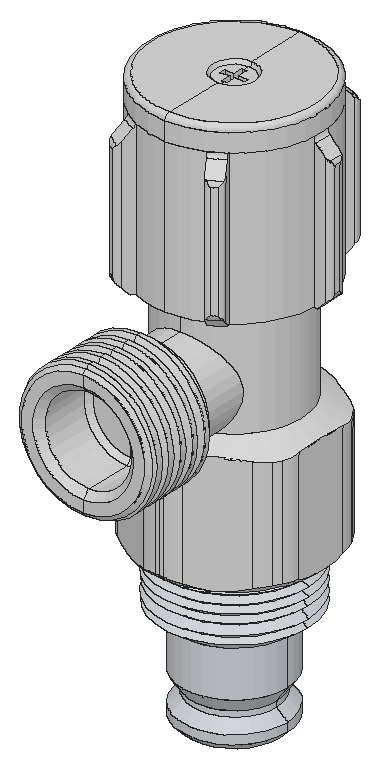
Revit family "Reece_Tap_Dura_Mini Stop", category Plumbing Fixtures, host Face, Revit 2018
Family settings
  Host = Face
  Round Connector Dimension = Use Diameter
  Part Type = Normal
  Cut with Voids When Loaded = No
  Shared = Yes
  Room Calculation Point = Yes
Parameters (values of type "Chrome")
  Waste Connection = no
  WFU = 0  # constant formula
  Vent Connection = no
  URL = "https://www.reece.com.au/product/-15088"
  Type Comments = "Tap"
  Reece_Tap_Projection = 62.5 mm  # constant formula
  Reece_Tap_Outlet = 12.5 mm  # constant formula
  Reece_Tap_Inlet = 12.5 mm  # constant formula
  Reece_Product_Web Page = "https://www.reece.com.au/product/-15088"
  Reece_Product_Type = "Tap"  # constant formula
  Reece_Product_Sub Brand = ""  # constant formula
  Reece_Product_Number = "15088"
  Reece_Product_Mount = "Wall Mounted"  # constant formula
  Reece_Product_Description = "Dura Standard Mini Stop Chrome 15mm Lead Free"
  Reece_Product_Brand = "Dura"  # constant formula
  Reece_Overall_Height = 28.4 mm  # constant formula
  Reece_Material_Main = Reece_Brass_Chrome
  Reece_Detail_Type = "Mini Stop"  # constant formula
  Reece_Detail_Installation = ""
  Reece_Detail_Disclaimer = "THIS FILE IS THE PROPERTY OF THE REECE GROUP. IT MAY NOT BE REPRODUCED, REVERSE-ENGINEERED, OR MODIFIED. ANY REPUBLICATION, TRANSMISSION, OR DISTRIBUTION FOR THE PURPOSE OF COMMERCIALLY EXPLOITING THE FILES IS PROHIBITED."  # constant formula
  Reece_Detail_Connector = ""
  Model = "-"
  Manufacturer = "Dura"
  Keynote = "Product #15088, Reece_Tap_Dura_Mini Stop - Chrome"
  HWFU = 0  # constant formula
  HW Connection = no
  Disclaimer = "THIS FILE IS THE PROPERTY OF THE REECE GROUP. IT MAY NOT BE REPRODUCED, REVERSE-ENGINEERED, OR MODIFIED. ANY REPUBLICATION, TRANSMISSION, OR DISTRIBUTION FOR THE PURPOSE OF COMMERCIALLY EXPLOITING THE FILES IS PROHIBITED."  # constant formula
  Description = "Dura Standard Mini Stop Chrome 15mm Lead Free"
  Default Elevation = 0 mm
  Cost = 0
  CWFU = 0  # constant formula
  CW Connection = no
  Assembly Code = ""
Reference planes
  plane 1 "Center (Front/Back)": y = 0
  plane 2 "Bottom": z = 0
  plane 3 "Center (Left/Right)": x = 0
  plane 4: z = 62.5
  plane 5: z = 51.8
  plane 6: z = 25
  plane 7: y = -28.35
Forms (mm)
  Revolve 1, solid
    sketch origin (29.571, 0, -7.825) x (1, 0, 0) y (0, 0, 1)
      loop
        line (-29.571, 7.825) -> (-40.893, 7.825) -> (-39.732, 7.013) -> (-40.669, 6.356) -> (-39.732, 5.699) -> (-40.669, 5.043) -> (-39.732, 4.386) -> (-40.669, 3.73) -> (-39.732, 3.073) -> (-40.605, 2.461) -> (-39.465, 1.663) -> (-40.669, 0.82) -> (-39.732, 0.163) -> (-40.605, -0.449) -> (-37.524, -2.607) -> (-37.524, -9.618) -> (-35.966, -11.842) -> (-35.966, -12.686) -> (-37.524, -14.243) -> (-37.524, -15.579) -> (-36.427, -16.676) -> (-29.571, -16.676) -> (-29.571, 7.825)
      axis (-29.571, 7.825) -> (-29.571, -16.676)
    angle from 0 to 360
  Revolve 2, void
    sketch origin (0, 0, 0) x (0, 1, 0) y (0, 0, 1)
      loop
        line (12.5, 0) -> (0, 0) -> (0, -28.25) -> (12.5, -28.25) -> (12.5, 0)
      axis (0, 0) -> (0, -28.25)
    angle from 0 to 360
  Revolve 3, solid, material "Reece_Brass_Chrome" <- "Reece_Material_Main"
    sketch origin (0, 0, 0) x (0, 1, 0) y (0, 0, 1)
      loop
        line (13.023, 0) -> (14, 0.977) -> (14, 17.5) -> (10, 19.5) -> (10, 35) -> (11, 36) -> (13.586, 36) -> (15.207, 37.621)
        arc (15.207, 37.621) -> (15.424, 37.946) -> (15.5, 38.328) r 1
        line (15.5, 38.328) -> (15.5, 55.586)
        arc (15.5, 55.586) -> (15.424, 55.968) -> (15.207, 56.293) r 1
        line (15.207, 56.293) -> (13.293, 58.207)
        arc (13.293, 58.207) -> (13.076, 58.532) -> (13, 58.914) r 1
        line (13, 58.914) -> (13, 61.7)
        arc (13, 61.7) -> (12.766, 62.266) -> (12.2, 62.5) r 0.8
        line (12.2, 62.5) -> (3.192, 62.5) -> (2.129, 60.5) -> (2.788, 61.999) -> (0, 61.999) -> (0, 0) -> (13.023, 0)
      axis (0, 62.5) -> (0, 0)
    angle from 0 to 360
  Extrusion 4, void
    sketch origin (0, 0, 0) x (1, 0, 0) y (0, 1, 0)
      loop
        arc (8.157, 13.18) -> (7.75, 13.423) -> (7.335, 13.654) r 15.5
        arc (7.335, 13.654) -> (6.738, 13.719) -> (6.264, 13.35) r 0.8
        line (6.264, 13.35) -> (5.387, 11.831)
        arc (5.387, 11.831) -> (2.756, 12.704) -> (0, 13) r 13
        arc (0, 13) -> (-2.756, 12.704) -> (-5.387, 11.831) r 13
        line (-5.387, 11.831) -> (-6.264, 13.35)
        arc (-6.264, 13.35) -> (-6.738, 13.719) -> (-7.335, 13.654) r 0.8
        arc (-7.335, 13.654) -> (-7.75, 13.423) -> (-8.157, 13.18) r 15.5
        arc (-8.157, 13.18) -> (-8.512, 12.695) -> (-8.429, 12.1) r 0.8
        line (-8.429, 12.1) -> (-7.552, 10.581)
        arc (-7.552, 10.581) -> (-11.258, 6.5) -> (-12.94, 1.25) r 13
        line (-12.94, 1.25) -> (-14.693, 1.25)
        arc (-14.693, 1.25) -> (-15.25, 1.024) -> (-15.493, 0.474) r 0.8
        arc (-15.493, 0.474) -> (-15.5, 0) -> (-15.493, -0.474) r 15.5
        arc (-15.493, -0.474) -> (-15.25, -1.024) -> (-14.693, -1.25) r 0.8
        line (-14.693, -1.25) -> (-12.94, -1.25)
        arc (-12.94, -1.25) -> (-11.258, -6.5) -> (-7.552, -10.581) r 13
        line (-7.552, -10.581) -> (-8.429, -12.1)
        arc (-8.429, -12.1) -> (-8.512, -12.695) -> (-8.157, -13.18) r 0.8
        arc (-8.157, -13.18) -> (-7.75, -13.423) -> (-7.335, -13.654) r 15.5
        arc (-7.335, -13.654) -> (-6.738, -13.719) -> (-6.264, -13.35) r 0.8
        line (-6.264, -13.35) -> (-5.387, -11.831)
        arc (-5.387, -11.831) -> (-2.756, -12.704) -> (0, -13) r 13
        arc (0, -13) -> (2.756, -12.704) -> (5.387, -11.831) r 13
        line (5.387, -11.831) -> (6.264, -13.35)
        arc (6.264, -13.35) -> (6.738, -13.719) -> (7.335, -13.654) r 0.8
        arc (7.335, -13.654) -> (7.75, -13.423) -> (8.157, -13.18) r 15.5
        arc (8.157, -13.18) -> (8.512, -12.695) -> (8.429, -12.1) r 0.8
        line (8.429, -12.1) -> (7.552, -10.581)
        arc (7.552, -10.581) -> (11.258, -6.5) -> (12.94, -1.25) r 13
        line (12.94, -1.25) -> (14.693, -1.25)
        arc (14.693, -1.25) -> (15.25, -1.024) -> (15.493, -0.474) r 0.8
        arc (15.493, -0.474) -> (15.5, 0) -> (15.493, 0.474) r 15.5
        arc (15.493, 0.474) -> (15.25, 1.024) -> (14.693, 1.25) r 0.8
        line (14.693, 1.25) -> (12.94, 1.25)
        arc (12.94, 1.25) -> (11.258, 6.5) -> (7.552, 10.581) r 13
        line (7.552, 10.581) -> (8.429, 12.1)
        arc (8.429, 12.1) -> (8.512, 12.695) -> (8.157, 13.18) r 0.8
      loop
        circle (0, 0) r 18.509
      loop
        line (-0.4, 1.825) -> (-0.4, 0.4) -> (-1.825, 0.4) -> (-1.825, -0.4) -> (-0.4, -0.4) -> (-0.4, -1.825) -> (0.4, -1.825) -> (0.4, -0.4) -> (1.825, -0.4) -> (1.825, 0.4) -> (0.4, 0.4) -> (0.4, 1.825) -> (-0.4, 1.825)
    from 36 to 62.5
  Extrusion 5, void
    sketch origin (0, 0, 0) x (1, 0, 0) y (0, 1, 0)
      loop
        line (-2.908, 13.321) -> (-10.082, 9.179)
        arc (-10.082, 9.179) -> (-11.036, 8.464) -> (-11.794, 7.543) r 5
        arc (-11.794, 7.543) -> (-12.124, 7) -> (-12.429, 6.443) r 14
        arc (-12.429, 6.443) -> (-12.848, 5.326) -> (-12.99, 4.142) r 5
        line (-12.99, 4.142) -> (-12.99, -4.142)
        arc (-12.99, -4.142) -> (-12.848, -5.326) -> (-12.429, -6.443) r 5
        arc (-12.429, -6.443) -> (-12.124, -7) -> (-11.794, -7.543) r 14
        arc (-11.794, -7.543) -> (-11.036, -8.464) -> (-10.082, -9.179) r 5
        line (-10.082, -9.179) -> (-2.908, -13.321)
        arc (-2.908, -13.321) -> (-1.812, -13.79) -> (-0.635, -13.986) r 5
        arc (-0.635, -13.986) -> (0, -14) -> (0.635, -13.986) r 14
        arc (0.635, -13.986) -> (1.812, -13.79) -> (2.908, -13.321) r 5
        line (2.908, -13.321) -> (10.082, -9.179)
        arc (10.082, -9.179) -> (11.036, -8.464) -> (11.794, -7.543) r 5
        arc (11.794, -7.543) -> (12.124, -7) -> (12.429, -6.443) r 14
        arc (12.429, -6.443) -> (12.848, -5.326) -> (12.99, -4.142) r 5
        line (12.99, -4.142) -> (12.99, 4.142)
        arc (12.99, 4.142) -> (12.848, 5.326) -> (12.429, 6.443) r 5
        arc (12.429, 6.443) -> (12.124, 7) -> (11.794, 7.543) r 14
        arc (11.794, 7.543) -> (11.036, 8.464) -> (10.082, 9.179) r 5
        line (10.082, 9.179) -> (2.908, 13.321)
        arc (2.908, 13.321) -> (1.812, 13.79) -> (0.635, 13.986) r 5
        arc (0.635, 13.986) -> (0, 14) -> (-0.635, 13.986) r 14
        arc (-0.635, 13.986) -> (-1.812, 13.79) -> (-2.908, 13.321) r 5
      loop
        circle (0, 0) r 17.463
    from 0 to 23.117
  Revolve 6, solid, material "Reece_Brass_Chrome" <- "Reece_Material_Main"
    sketch origin (0, 0, 0) x (0, 1, 0) y (0, 0, 1)
      loop
        line (0, 32) -> (-14.845, 32) -> (-15.999, 34) -> (-16.82, 34) -> (-17.523, 35.218) -> (-18.336, 35.218) -> (-19.039, 34) -> (-19.742, 35.218) -> (-20.555, 35.218) -> (-21.258, 34) -> (-21.961, 35.218) -> (-22.774, 35.218) -> (-23.477, 34) -> (-24.181, 35.218) -> (-24.993, 35.218) -> (-25.697, 34) -> (-26.4, 35.218) -> (-27.213, 35.218) -> (-27.877, 34.068) -> (-27.877, 34.899) -> (-28.35, 34.271) -> (-28.35, 32.536) -> (-27.314, 31.5) -> (-20.161, 31.5) -> (-19.404, 30.743) -> (-19.404, 25) -> (0, 25) -> (0, 32)
      axis (0, 25) -> (-28.35, 25)
    angle from 0 to 360
Cuts and joins
  Extrusion 4, Extrusion 5 cuts Revolve 3
  joined: Revolve 3, Revolve 6
Text (mm)
  text "Reece ©" at (-169.864, -190.533, 0), in view "Ref. Level"
  text "Reece ©" at (-0.183, 77.256, 75.547), in view "Reece Preview"
Dimensions and locks
  "Reece_Tap_Projection": plane 4 to plane 2 "Bottom"
  equal spacing: host sketch curve, plane 3 "Center (Left/Right)", host sketch curve
  equal spacing: host sketch curve, plane 1 "Center (Front/Back)", host sketch curve
  aligned and locked: plane 2 "Bottom" to host face
  aligned and locked: level to host face
  aligned and locked: Revolve 3 sketch curve to plane 1 "Center (Front/Back)"
  aligned and locked: Revolve 6 sketch curve to plane 6
Automatic sketch dimensions
  Revolve 1 sketch curve to level = 0 mm
  Revolve 1 sketch curve to plane 3 "Center (Left/Right)" = 0 mm  (x2)
  Revolve 1 sketch curve to plane 3 "Center (Left/Right)" = 6.395 mm
  Revolve 1 sketch curve to Revolve 1 sketch curve = 0.46 mm
  Revolve 1 sketch curve to Revolve 1 sketch curve = 1.557 mm  (x3)
  Revolve 1 sketch curve to Revolve 1 sketch curve = 1.942 mm
  Revolve 1 sketch curve to level = 2.126 mm
  Revolve 1 sketch curve to Revolve 1 sketch curve = 0.267 mm  (x2)
  Revolve 1 sketch curve to level = 3.439 mm
  Revolve 1 sketch curve to Revolve 1 sketch curve = 0 mm  (x3)
  Revolve 1 sketch curve to level = 0.813 mm
  Revolve 1 sketch curve to level = 4.752 mm
  Revolve 1 sketch curve to Revolve 1 sketch curve = 0.874 mm  (x2)
  Revolve 1 sketch curve to level = 5.364 mm
  Revolve 1 sketch curve to level = 2.783 mm
  Revolve 1 sketch curve to Revolve 1 sketch curve = 0.938 mm  (x4)
  Revolve 1 sketch curve to level = 1.469 mm
  Revolve 1 sketch curve to level = 4.096 mm
  Revolve 1 sketch curve to Revolve 1 sketch curve = 1.161 mm
  Revolve 1 sketch curve to Revolve 1 sketch curve = 0.798 mm
  Revolve 1 sketch curve to Revolve 1 sketch curve = 0.843 mm
  Revolve 1 sketch curve to Revolve 1 sketch curve = 0.657 mm
  Revolve 1 sketch curve to Revolve 1 sketch curve = 0.612 mm
  Revolve 1 sketch curve to Revolve 1 sketch curve = 2.77 mm
  Revolve 1 sketch curve to Revolve 1 sketch curve = 7.012 mm
  Revolve 1 sketch curve to Revolve 1 sketch curve = 2.224 mm
  Revolve 1 sketch curve to Revolve 1 sketch curve = 0.844 mm
  Revolve 1 sketch curve to Revolve 1 sketch curve = 1.336 mm
  Revolve 1 sketch curve to Revolve 1 sketch curve = 1.097 mm
  Revolve 1 sketch curve to Revolve 1 sketch curve = 2.609 mm
  Revolve 1 sketch curve to Revolve 1 sketch curve = 2.001 mm
  Revolve 2 sketch curve to plane 1 "Center (Front/Back)" = 0 mm  (x2)
  level to Revolve 2 sketch curve = 0 mm
  Revolve 2 sketch curve to level = 28.25 mm
  Revolve 2 sketch curve to Revolve 2 sketch curve = 9.271 mm
  Revolve 2 sketch curve to Revolve 2 sketch curve = 20 mm
  Revolve 2 sketch curve to plane 1 "Center (Front/Back)" = 12.5 mm
  Extrusion 5 sketch curve to Extrusion 5 sketch curve = 0 mm  (x50)
  plane 1 "Center (Front/Back)" to Extrusion 5 sketch curve = 0 mm
  Extrusion 5 sketch curve to plane 3 "Center (Left/Right)" = 0 mm
  Extrusion 5 sketch curve to plane 3 "Center (Left/Right)" = 0.408 mm  (x2)
  Extrusion 5 sketch curve to plane 3 "Center (Left/Right)" = 2.908 mm  (x2)
  Extrusion 5 sketch curve to plane 1 "Center (Front/Back)" = 4.849 mm  (x2)
  Extrusion 5 sketch curve to plane 3 "Center (Left/Right)" = 7.582 mm  (x2)
  plane 1 "Center (Front/Back)" to Extrusion 5 sketch curve = 4.849 mm  (x2)
  Extrusion 5 sketch curve to Extrusion 5 sketch curve = 0.408 mm  (x4)
  Extrusion 5 sketch curve to Extrusion 5 sketch curve = 2.5 mm  (x4)
  Extrusion 5 sketch curve to Extrusion 5 sketch curve = 5 mm  (x2)
  plane 3 "Center (Left/Right)" to Extrusion 5 sketch curve = 0.408 mm  (x2)
  plane 3 "Center (Left/Right)" to Extrusion 5 sketch curve = 2.908 mm  (x2)
  plane 3 "Center (Left/Right)" to Extrusion 5 sketch curve = 7.582 mm  (x2)
  Extrusion 5 sketch curve to Extrusion 5 sketch curve = 4.142 mm  (x2)
  Extrusion 5 sketch curve to Extrusion 5 sketch curve = 4.33 mm  (x4)
  Extrusion 5 sketch curve to Extrusion 5 sketch curve = 0.665 mm  (x2)
  Extrusion 5 sketch curve to Extrusion 5 sketch curve = 0.707 mm
  Extrusion 5 sketch curve to Extrusion 5 sketch curve = 3.401 mm
  Extrusion 5 sketch curve to plane 1 "Center (Front/Back)" = 4.142 mm  (x2)
  Extrusion 5 sketch curve to Extrusion 5 sketch curve = 2.736 mm  (x2)
  Extrusion 4 sketch curve to Extrusion 4 sketch curve = 0 mm  (x36)
  plane 1 "Center (Front/Back)" to Extrusion 4 sketch curve = 0 mm
  Extrusion 4 sketch curve to plane 3 "Center (Left/Right)" = 0 mm
  Extrusion 4 sketch curve to plane 3 "Center (Left/Right)" = 0.4 mm  (x2)
  Extrusion 4 sketch curve to plane 1 "Center (Front/Back)" = 0.4 mm  (x2)
  Extrusion 4 sketch curve to plane 3 "Center (Left/Right)" = 1.825 mm
  Extrusion 4 sketch curve to plane 3 "Center (Left/Right)" = 5.387 mm  (x2)
  Extrusion 4 sketch curve to Extrusion 4 sketch curve = 0.877 mm  (x4)
  Extrusion 4 sketch curve to Extrusion 4 sketch curve = 0.693 mm  (x8)
  Extrusion 4 sketch curve to Extrusion 4 sketch curve = 0.596 mm  (x4)
  Extrusion 4 sketch curve to Extrusion 4 sketch curve = 0.779 mm  (x4)
  plane 1 "Center (Front/Back)" to Extrusion 4 sketch curve = 1.25 mm  (x2)
  Extrusion 4 sketch curve to Extrusion 4 sketch curve = 5.387 mm  (x2)
  Extrusion 4 sketch curve to Extrusion 4 sketch curve = 1.753 mm  (x2)
  plane 3 "Center (Left/Right)" to Extrusion 4 sketch curve = 0.4 mm  (x2)
  plane 3 "Center (Left/Right)" to Extrusion 4 sketch curve = 1.825 mm
  plane 3 "Center (Left/Right)" to Extrusion 4 sketch curve = 5.387 mm  (x2)
  Extrusion 4 sketch curve to plane 1 "Center (Front/Back)" = 1.25 mm  (x2)
  Extrusion 4 sketch curve to plane 1 "Center (Front/Back)" = 0.45 mm  (x2)
  Extrusion 4 sketch curve to Extrusion 4 sketch curve = 1.25 mm  (x2)
  Extrusion 4 sketch curve to Extrusion 4 sketch curve = 1.518 mm  (x4)
  Extrusion 4 sketch curve to Extrusion 4 sketch curve = 0.4 mm  (x8)
  Extrusion 4 sketch curve to Extrusion 4 sketch curve = 0.45 mm  (x4)
  plane 1 "Center (Front/Back)" to Extrusion 4 sketch curve = 1.825 mm
  plane 1 "Center (Front/Back)" to Extrusion 4 sketch curve = 0.45 mm  (x2)
  Extrusion 4 sketch curve to plane 1 "Center (Front/Back)" = 1.825 mm
  plane 1 "Center (Front/Back)" to Extrusion 4 sketch curve = 0.4 mm  (x2)
  level to Revolve 3 sketch curve = 0 mm
  Revolve 3 sketch curve to plane 1 "Center (Front/Back)" = 0 mm
  Revolve 3 sketch curve to plane 4 = 0 mm
  Revolve 3 sketch curve to plane 4 = 0.501 mm
  Revolve 3 sketch curve to plane 1 "Center (Front/Back)" = 2.788 mm
  Revolve 3 sketch curve to Revolve 3 sketch curve = 0.404 mm
  Revolve 3 sketch curve to plane 1 "Center (Front/Back)" = 10 mm
  Revolve 3 sketch curve to Revolve 3 sketch curve = 1 mm  (x3)
  Revolve 3 sketch curve to plane 4 = 0.8 mm
  Revolve 3 sketch curve to Revolve 3 sketch curve = 9.008 mm
  Revolve 3 sketch curve to plane 1 "Center (Front/Back)" = 13.023 mm
  Revolve 3 sketch curve to plane 4 = 4.293 mm
  Revolve 3 sketch curve to Revolve 3 sketch curve = 0.293 mm  (x2)
  Revolve 3 sketch curve to Revolve 3 sketch curve = 2.586 mm
  level to Revolve 3 sketch curve = 0.977 mm
  Revolve 3 sketch curve to Revolve 3 sketch curve = 0.977 mm
  Revolve 3 sketch curve to Revolve 3 sketch curve = 1.207 mm
  Revolve 3 sketch curve to Revolve 3 sketch curve = 0.914 mm
  plane 5 to Revolve 3 sketch curve = 4.493 mm
  Revolve 3 sketch curve to Revolve 3 sketch curve = 0.707 mm  (x2)
  Revolve 3 sketch curve to Revolve 3 sketch curve = 2 mm
  Revolve 3 sketch curve to Revolve 3 sketch curve = 1.621 mm
  Revolve 3 sketch curve to level = 32.929 mm
  Revolve 3 sketch curve to Revolve 3 sketch curve = 20 mm
  Revolve 3 sketch curve to Revolve 3 sketch curve = 0.659 mm
  Revolve 3 sketch curve to Revolve 3 sketch curve = 1.499 mm
  Revolve 3 sketch curve to Revolve 3 sketch curve = 16.523 mm
  Revolve 3 sketch curve to Revolve 3 sketch curve = 15.5 mm
  Revolve 6 sketch curve to plane 6 = 0 mm
  Revolve 6 sketch curve to plane 1 "Center (Front/Back)" = 0 mm
  Revolve 6 sketch curve to Revolve 6 sketch curve = 0.664 mm
  Revolve 6 sketch curve to Revolve 6 sketch curve = 0.813 mm  (x5)
  Revolve 6 sketch curve to Revolve 6 sketch curve = 0.703 mm  (x6)
  Revolve 6 sketch curve to Revolve 6 sketch curve = 1.406 mm  (x3)
  Revolve 6 sketch curve to Revolve 6 sketch curve = 1.097 mm
  Revolve 6 sketch curve to Revolve 6 sketch curve = 0.757 mm
  plane 6 to Revolve 6 sketch curve = 5.743 mm
  plane 6 to Revolve 6 sketch curve = 6.5 mm
  Revolve 6 sketch curve to Revolve 6 sketch curve = 1.036 mm  (x2)
  Revolve 6 sketch curve to Revolve 6 sketch curve = 2 mm
  Revolve 6 sketch curve to Revolve 6 sketch curve = 2.5 mm
  Revolve 6 sketch curve to Revolve 6 sketch curve = 0 mm  (x4)
  Revolve 6 sketch curve to Revolve 6 sketch curve = 1.532 mm
  Revolve 6 sketch curve to Revolve 6 sketch curve = 0.203 mm
  Revolve 6 sketch curve to Revolve 6 sketch curve = 0.628 mm
  Revolve 6 sketch curve to Revolve 6 sketch curve = 1.218 mm  (x4)
  Revolve 6 sketch curve to Revolve 6 sketch curve = 0.319 mm
  Revolve 6 sketch curve to Revolve 6 sketch curve = 0.821 mm
  Revolve 6 sketch curve to Revolve 6 sketch curve = 1.155 mm
  Revolve 6 sketch curve to plane 1 "Center (Front/Back)" = 20.39 mm
  Revolve 6 sketch curve to Revolve 6 sketch curve = 7.64 mm
  plane 1 "Center (Front/Back)" to Revolve 6 sketch curve = 14.845 mm
  Revolve 6 sketch curve to Revolve 6 sketch curve = 0.563 mm
  radius of Extrusion 5 sketch curve = 17.463 mm
  radius of Extrusion 4 sketch curve = 18.509 mm
Connectors
  piping at (0, -19.404, 25), diameter 12.5, driven by "Reece_Tap_Outlet"
    settings: on cut or joined group of Revolve 3, Extrusion 4, Extrusion 5, Revolve 6, index 1, connector inside diameter 609.6 mm, connector length 0 mm, flow factor 0, pipe flow 0.0 L/s, pressure drop 0.0 Pa, fitting loss kfactor 0, connector angle 0.00°, fixture units 0, engagement length 0 mm, angle of deflection 0.00°, flow configuration 0, flow direction 2, fitting loss method 0, system type 29, joint type 0, gender type 0, connector reference index -1, connector utility 0, adjustable connector no, is connector primary yes, connector description ""
  piping at (0, 0, 0), diameter 12.5, driven by "Reece_Tap_Inlet"
    settings: on host face, index 2, connector inside diameter 609.6 mm, connector length 0 mm, flow factor 0, pipe flow 0.0 L/s, pressure drop 0.0 Pa, fitting loss kfactor 0, connector angle 0.00°, fixture units 0, engagement length 0 mm, angle of deflection 0.00°, flow configuration 0, flow direction 1, fitting loss method 0, system type 29, joint type 0, gender type 0, connector reference index -1, connector utility 0, adjustable connector no, is connector primary no, connector description ""
